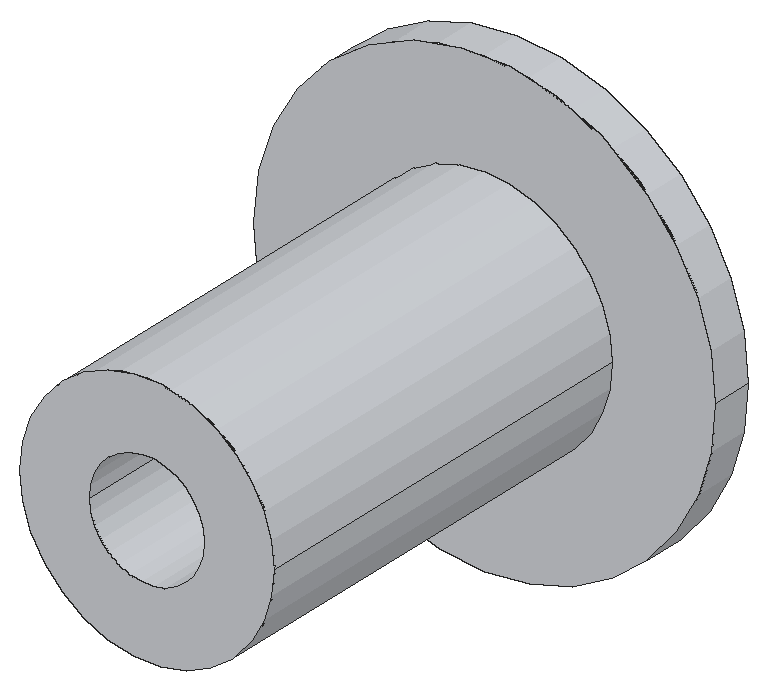
Revit family "AX8205_0015", category Appareils sanitaires, Revit 2016
Family settings
  Hôte = Mur
  Type d'élément = Normal
  Cote de connecteur circulaire = Utiliser le diamètre
  Numéro OmniClass = 23.75.00.00
  Titre OmniClass = Climate Control (HVAC)
  Toujours verticalement = Oui
  Couper avec des vides une fois chargée = Non
  Partagée = Non
  Point de calcul de pièce = Non
Parameters (values of type "Type 1")
  URL = "https://www.axeuro.com/en/concealed-mounting/25268-patere-ax8205-3700926003433.html"
  Type de produit / Type of product = "Patère / Hook"  # constant formula
  Référence / Reference = "AX8205, AX8205P, AX8205W, AX8205-BRASS, AX8205-BRASS-P, AX8205-MBK"  # constant formula
  Model = ""
  Manufacturer = ""
  Entreprise / Company = "Axeuro"  # constant formula
  Description = ""
Reference planes
  plane 1 "Mur": y = 0
  plane 2 "Centre (gauche/droite)": x = 0
  plane 3 "Arrière": y = 75
Forms (mm)
  Extrusion 1, solid
    sketch origin (0, 71.5, 0) x (1, 0, 0) y (0, 0, 1)
      loop
        circle (0, 818.725) r 20
    from -43.5 to -40
  Extrusion 2, solid
    sketch origin (0, 75, 0) x (1, 0, 0) y (0, 0, 1)
      loop
        circle (0, 818.725) r 11
    from -36.5 to 0
  Extrusion 3, void
    sketch origin (0, 0, 0) x (1, 0, 0) y (0, 0, 1)
      loop
        circle (0, 818.725) r 5
    from -98.038 to -75
  Extrusion 4, void
    sketch origin (-60.744, 146.568, 0) x (-0.706831, -0.707382, 0) y (0.707382, -0.706831, 0)
      loop
        line (0.386, 87.312) -> (-1.055, 86.926) -> (-1.441, 85.485) -> (-0.386, 84.431) -> (1.055, 84.817) -> (1.441, 86.257) -> (0.386, 87.312)
    from 807.704 to 808.907
  Extrusion 5, solid
    sketch origin (0, 0, 0) x (1, 0, 0) y (0, 1, 0)
      loop
        circle (0, 85.871) r 2.35
    from 807.704 to 808.907
Cuts and joins
  Extrusion 3 cuts Extrusion 2
  Extrusion 4 cuts Extrusion 5
Text (mm)
  text "Côté de la mise en place" at (-1820.995, 1116.779, 0), in view "Niveau de réf."
  text "Côté de la mise en place" at (0, 1334.055, 2976.191), in view "Gauche"
  text "Côté de la mise en place" at (0, 439.194, 2944.362), in view "Droite"
Dimensions and locks
  locked: plane 3 "Arrière" to host wall
  radius of Extrusion 1 sketch curve = 20 mm
  aligned and locked: plane 1 "Mur" to host wall
